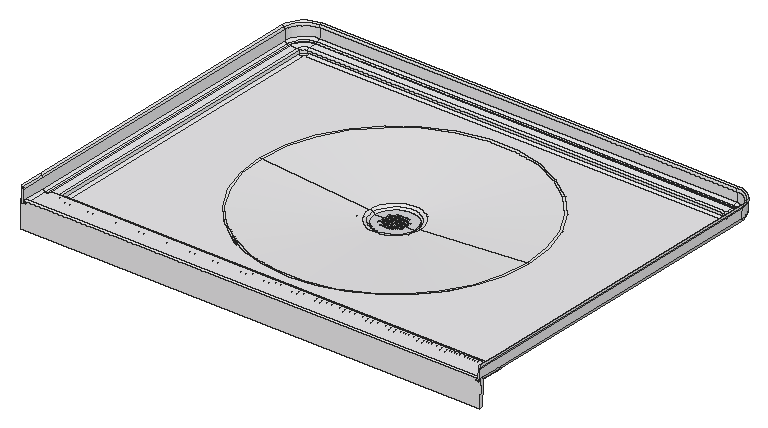
Revit family "Shower-Receptor-STERLING-GUARD-95078", category Plumbing Fixtures, host Face, Revit 2017 (continued)
Definition of nested family "95078"
  Lines and regions (in)
    symbolic lines, detail levels medium+fine
      curve 221: line (-2.21158, 0, 0) -> (2.31598, 0, 0)
      curve 222: arc (-24.74357, 0, 3.80958) -> (-24.76821, 0, 3.93698) -> (-24.83474, 0, 4.0484) r 0.37562
      curve 223: arc (-24.83474, 0, 4.0484) -> (-24.91107, 0, 4.12125) -> (-25, 0, 4.17803) r 0.54543
      curve 224: line (-24.72859, 0, 2.95138) -> (-24.74357, 0, 3.80958)
      curve 225: line (-24.64986, 0, 2.87402) -> (24.64986, 0, 2.87402)
      curve 226: arc (-24.64986, 0, 2.87402) -> (-24.70505, 0, 2.89659) -> (-24.72859, 0, 2.95138) r 0.07874
      curve 227: arc (24.74357, 0, 3.80958) -> (24.76821, 0, 3.93698) -> (24.83474, 0, 4.0484) r 0.37562
      curve 228: arc (24.83474, 0, 4.0484) -> (24.91107, 0, 4.12125) -> (25, 0, 4.17803) r 0.54543
      curve 229: line (24.72859, 0, 2.95138) -> (24.74357, 0, 3.80958)
      curve 230: arc (24.64986, 0, 2.87402) -> (24.70505, 0, 2.89659) -> (24.72859, 0, 2.95138) r 0.07874
      curve 231: line (0, 18.25013, 3.91367) -> (0, 18.20773, 3.91367)
      curve 232: arc (0, 18.20773, 3.91367) -> (0, 18.17294, 3.91055) -> (0, 18.13927, 3.90127) r 0.19525
      curve 233: arc (0, 18.13927, 3.90127) -> (0, 18.09128, 3.88918) -> (0, 18.0418, 3.88798) r 0.22271
      curve 234: line (0, 18.0418, 3.88798) -> (0, -19.18798, 3.88798)
      curve 235: line (0, -19.41666, 0.60559) -> (0, -19.30602, 3.77399)
      curve 236: arc (0, -19.30602, 3.77399) -> (0, -19.27003, 3.85483) -> (0, -19.18798, 3.88798) r 0.11811
      curve 237: line (0, -19.22788, 2.33685) -> (0, -16.73783, 2.2499)
      curve 238: arc (0, -16.73783, 2.2499) -> (0, -16.65101, 2.21217) -> (0, -16.6132, 2.12538) r 0.12922
      curve 239: arc (0, -16.6132, 2.12538) -> (0, -16.4607, 1.78344) -> (0, -16.11352, 1.64327) r 0.5
      curve 240: line (0, -16.43715, 1.76213) -> (0, -19.37628, 1.76213)
      curve 241: arc (0, -19.36052, 2.21316) -> (0, -19.31982, 2.30248) -> (0, -19.22788, 2.33685) r 0.12825
      curve 242: line (0, -16.11352, 1.64327) -> (0, -12.4156, 1.64327)
      curve 243: line (0, -19.35606, 2.34103) -> (0, 17.57165, 2.34103)
      curve 244: line (0, -12.4156, 1.64327) -> (0, -12.4156, 1.0654)
      curve 245: line (0, -12.32747, 1.0654) -> (0, -12.32747, 1.36251)
      curve 246: line (0, -15.1637, 1.0654) -> (0, -12.16553, 1.0654)
      curve 247: line (0, -12.16553, 0.24182) -> (0, -12.16553, 1.0654)
      curve 248: line (0, -15.1637, 1.0654) -> (0, -15.1637, 0.24182)
      curve 249: line (0, -12.16553, 0.6441) -> (0, -15.1637, 0.6441)
      curve 250: line (0, -15.1637, 0.55274) -> (0, -12.16553, 0.55274)
      curve 251: line (0, -19.41398, 0.68231) -> (0, -15.1637, 0.68231)
      curve 252: line (0, -12.4156, 1.38981) -> (0, -19.38928, 1.38981)
      curve 253: line (0, -15.1637, 1.0654) -> (0, -12.4156, 1.16137)
      curve 254: line (0, -19.40953, 0.80981) -> (0, -15.1637, 0.75603)
      curve 255: line (0, -15.1637, 1.0654) -> (0, -19.39854, 1.12457)
      curve 256: line (0, -3.54566, 0.60559) -> (0, -3.54566, 1.36251)
      curve 257: line (0, -3.64217, 1.36251) -> (0, -3.64217, 0.60559)
      curve 258: line (0, -3.64217, 1.36251) -> (0, -12.32593, 1.46118)
      curve 259: line (0, -12.32593, 1.46118) -> (0, -12.32593, 1.36696)
      curve 260: line (0, -12.16553, 1.0654) -> (0, -3.64217, 0.94471)
      curve 261: line (0, -12.32747, 1.21396) -> (0, -3.64217, 1.10353)
      curve 262: line (0, 3.97868, 1.36251) -> (0, 3.97868, 0.60559)
      curve 263: line (0, 4.07108, 1.36251) -> (0, 4.07108, 0.60559)
      curve 264: line (0, -3.54566, 1.36251) -> (0, 3.97868, 1.36251)
      curve 265: line (0, 7.32514, 0.55274) -> (0, 10.34627, 0.55274)
      curve 266: line (0, 7.32514, 1.0654) -> (0, 10.34627, 1.0654)
      curve 267: line (0, 7.32514, 1.0654) -> (0, 7.32514, 0.24182)
      curve 268: line (0, 10.34627, 0.24182) -> (0, 10.34627, 1.0654)
      curve 269: line (0, 4.07108, 1.36251) -> (0, 13.875, 1.50289)
      curve 270: line (0, -3.54566, 0.94121) -> (0, 3.97868, 0.94121)
      curve 271: line (0, 4.07108, 1.13806) -> (0, 13.875, 1.27844)
      curve 272: line (0, -2.25, 0.248) -> (0, 0, 0.248)
      curve 273: line (0, 0, 0.248) -> (0, 2.25, 0.248)
      curve 274: line (0, -1.98463, -0.31325) -> (0, 0, -0.31325)
      curve 275: line (0, 0, -0.31325) -> (0, 1.98462, -0.31325)
      curve 276: line (0, -1.59029, -1.18256) -> (0, 1.59029, -1.18256)
      curve 277: line (0, -1.98463, 0) -> (0, 2.14923, 0)
      curve 278: line (0, -0.13846, 0) -> (0, -0.13846, -0.31325)
      curve 279: line (0, -1.32449, -0.31325) -> (0, -1.32449, 0)
      curve 280: line (0, -1.46274, -0.31325) -> (0, -1.46274, 0)
      curve 281: arc (0, -1.59029, -0.31325) -> (0, -1.6124, -0.29781) -> (0, -1.63683, -0.28638) r 0.15692
      curve 282: line (0, -1.63683, -0.28638) -> (0, -1.63683, -0.02923)
      curve 283: arc (0, -1.63683, -0.02923) -> (0, -1.64357, -0.01034) -> (0, -1.66075, 0) r 0.02982
      curve 284: line (0, 1.32449, -0.31325) -> (0, 1.32449, 0)
      curve 285: line (0, 1.46274, -0.31325) -> (0, 1.46274, 0)
      curve 286: arc (0, 1.59029, -0.31325) -> (0, 1.6124, -0.29781) -> (0, 1.63683, -0.28638) r 0.15692
      curve 287: line (0, 1.63683, -0.28638) -> (0, 1.63683, -0.02923)
      curve 288: arc (0, 1.63683, -0.02923) -> (0, 1.64357, -0.01034) -> (0, 1.66075, 0) r 0.02982
      curve 289: line (0, 1.32449, -0.31325) -> (0, 1.32449, 0)
      curve 290: line (0, 1.46274, -0.31325) -> (0, 1.46274, 0)
      curve 291: arc (0, 1.59029, -0.31325) -> (0, 1.6124, -0.29781) -> (0, 1.63683, -0.28638) r 0.15692
      curve 292: line (0, 1.63683, -0.28638) -> (0, 1.63683, -0.02923)
      curve 293: arc (0, 1.63683, -0.02923) -> (0, 1.64357, -0.01034) -> (0, 1.66075, 0) r 0.02982
      curve 294: line (0, 0.12084, -0.31325) -> (0, 0.12084, 0)
      curve 295: line (0, 10.34627, 0.65361) -> (0, 7.32514, 0.65361)
      curve 296: line (0, -2.66024, 0.60559) -> (0, 2.66024, 0.60559)
      curve 297: arc (24.69211, -19.40269, 0) -> (24.81481, -19.56667, 0) -> (25, -19.65411, 0) r 0.42443
      curve 298: line (-24.69211, 17.36024, 0) -> (-24.69211, -19.40269, 0)
      curve 299: arc (-24.69211, 17.36024, 0) -> (-24.51915, 17.77782, 0) -> (-24.10156, 17.95079, 0) r 0.59055
      curve 303: arc (-25.00178, 17.55709, 0) -> (-24.79883, 18.04705, 0) -> (-24.30887, 18.25, 0) r 0.69291
      curve 304: arc (-24.69211, -19.40269, 0) -> (-24.81481, -19.56667, 0) -> (-25, -19.65411, 0) r 0.42443
  Dimensions and locks (in)
    level to plane 6 = 4.17803"
    plane 5 to plane 4 = 38"
    plane 10 to plane 11 = 50"
    plane 1 "Center (Front/Back)" to plane 4 = 18 1/4"
    aligned and locked: plane 2 to level
